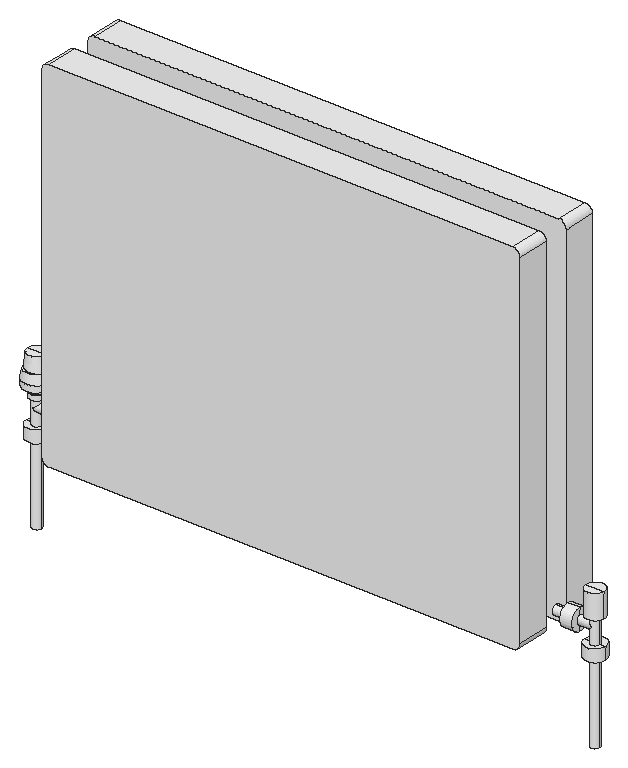
Revit family
Parameters (values of type "600 x 800mm Wide")
  Radiator Type = "Double"
  Radiator Thickness = 150 mm
  Radiator Length = 800 mm
  Radiator Height = 600 mm
  Offset from Wall = 125 mm
  Material Radiator = Paint - White
  Keynote = "T"
  Height to U/S = 150 mm
Types (2, lengths in mm): name | Radiator Length
  600 x 800mm Wide | 800
  600 x 1200mm Wide | 1200
Reference planes
  plane 1 "Wall": y = 0
  plane 2 "Center (Left/Right)": x = -1.686
  plane 3 "Back": y = 75
  plane 4: x = -401.686
  plane 5: x = 398.314
  plane 6: z = 150
  plane 7: z = 750
  plane 8: y = 200
Forms (mm)
  Extrusion 1, solid, material "Paint - White" <- "Material Radiator"
    sketch origin (0, 200, 0) x (1, 0, 0) y (0, 0, 1)
      loop
        arc (386.314, 150) -> (394.799, 153.515) -> (398.314, 162) r 12
        line (398.314, 162) -> (398.314, 738)
        arc (398.314, 738) -> (394.799, 746.485) -> (386.314, 750) r 12
        line (386.314, 750) -> (-386.38, 750)
        arc (-386.38, 750) -> (-394.866, 746.485) -> (-398.38, 738) r 12
        line (-398.38, 738) -> (-398.38, 162)
        arc (-398.38, 162) -> (-394.866, 153.515) -> (-386.38, 150) r 12
        line (-386.38, 150) -> (386.314, 150)
    from -75 to 75
  Extrusion 2, void
    sketch origin (0, 0, 0) x (1, 0, 0) y (0, 1, 0)
      loop
        line (-401.686, 178.981) -> (398.314, 178.981) -> (398.314, 221.019) -> (-401.686, 221.019) -> (-401.686, 178.981)
    from 150 to 750
Cuts and joins
  Extrusion 2 cuts Extrusion 1
Text (mm)
  text "Placement side" at (-1820.995, 1116.779, 0), in view "Ref. Level"
  text "Placement side" at (0, 1334.055, 2976.191), in view "Left"
  text "Placement side" at (0, 439.194, 2944.362), in view "Right"
Dimensions and locks
  locked: plane 3 "Back" to host wall
  equal spacing: plane 4, plane 2 "Center (Left/Right)", plane 5
  "Radiator Length": plane 4 to plane 5
  "Height to U/S": level to plane 6
  "Radiator Height": plane 6 to plane 7
  "Offset from Wall": plane 3 "Back" to plane 8
  equal spacing: Extrusion 1, plane 8, Extrusion 1
  "Radiator Thickness": Extrusion 1 to Extrusion 1
  equal spacing: Extrusion 2 sketch curve, plane 8, Extrusion 2 sketch curve
  cut or joined group of Extrusion 1, Extrusion 2 to Extrusion 2 sketch curve = 53.981 mm  (x2)
  aligned and locked: plane 1 "Wall" to host wall
  aligned and locked: nested 1 to plane 4
  aligned and locked: level to nested 1
  aligned and locked: nested 2 to level
  aligned and locked: nested 2 to plane 5
  aligned and locked: nested 1 to plane 8
  aligned and locked: plane 8 to nested 2
  aligned and locked: plane 4 to Extrusion 2 sketch curve
  aligned and locked: Extrusion 2 sketch curve to plane 5
  aligned and locked: Extrusion 2 to plane 7
  aligned and locked: plane 6 to Extrusion 2
Automatic sketch dimensions
  Extrusion 1 sketch curve to plane 7 = 0 mm
  Extrusion 1 sketch curve to plane 6 = 0 mm
  Extrusion 1 sketch curve to plane 5 = 0 mm
  plane 5 to Extrusion 1 sketch curve = 12 mm  (x2)
  Extrusion 1 sketch curve to plane 4 = 15.306 mm  (x2)
  Extrusion 1 sketch curve to plane 4 = 3.306 mm
Nested families
  nested 1: "Radiator Valve - Flow" at (-401.686, 200, 0) x (-1, 0, 0) z (0, 0, 1), type "Radiator Valve - Flow"
  nested 2: "Radiator Valve - Return" at (398.314, 200, 0), type "Radiator Valve - Return"
Definition of nested family "Radiator Valve - Flow"
  Parameters
    Valve Offset Vert = 30 mm
    Valve Offset Horz = 65 mm
    Radiator Bttm = 150 mm
    Material Valve Head = Plastic - White
    Material Valve = Metal - Chrome Polished
    Material Pipe = Paint - White
  Reference planes
    plane 1 "Center (Front/Back)": y = 0
    plane 2: z = 0
    plane 3 "Center (Left/Right)": x = 0
    plane 4: x = 65
    plane 5: z = 150
    plane 6: z = 180
  Forms (mm)
    Revolve 1, solid, material "Metal - Chrome Polished" <- "Material Valve"
      sketch origin (0, 0, 0) x (1, 0, 0) y (0, 0, 1)
        loop
          line (0, 172.5) -> (20, 172.5) -> (20, 162.5) -> (40, 162.5) -> (40, 172.5) -> (65, 172.5) -> (65, 180) -> (0, 180) -> (0, 172.5)
        axis (0, 180) -> (65, 180)
      angle from 0 to 360
    Revolve 2, solid, material "Metal - Chrome Polished" <- "Material Valve"
      sketch origin (0, 0, 0) x (1, 0, 0) y (0, 0, 1)
        loop
          line (65, 133.664) -> (65, 208.972) -> (57.5, 208.972) -> (57.5, 202) -> (52.5, 202) -> (52.5, 195) -> (57.5, 195) -> (57.5, 153.664) -> (47.5, 153.664) -> (47.5, 133.664) -> (65, 133.664)
        axis (65, 208.972) -> (65, 133.664)
      angle from 0 to 360
    Extrusion 3, solid, material "Paint - White" <- "Material Pipe"
      sketch origin (0, 0, 0) x (1, 0, 0) y (0, 1, 0)
        loop
          circle (65, 0) r 7.5
      from 0 to 133.664
    Revolve 4, solid, material "Plastic - White" <- "Material Valve Head"
      sketch origin (0, 0, 0) x (1, 0, 0) y (0, 0, 1)
        loop
          line (65, 208.972) -> (65, 261.547) -> (49.835, 261.547) -> (47.463, 238.117) -> (45.504, 236.986) -> (42.899, 222.214) -> (42.899, 212.214) -> (55, 208.972) -> (65, 208.972)
        axis (65, 208.972) -> (65, 261.547)
      angle from 0 to 360
  Cuts and joins
    joined: Revolve 1, Revolve 2
  Lines and regions (mm)
    symbolic lines, detail levels medium+fine
      curve 1: line (0, 7.5, 0) -> (65, 7.5, 0)
      curve 2: line (0, -7.5, 0) -> (65, -7.5, 0)
      curve 3: circle (65, 0, 0) r 7.5 normal (0, 0, 1)
  Dimensions and locks
    "Valve Offset Horz": plane 3 "Center (Left/Right)" to plane 4
    "Radiator Bttm": plane 5 to level
    "Valve Offset Vert": plane 6 to plane 5
    aligned and locked: Extrusion 3 to cut or joined group of Revolve 1, Revolve 2
    aligned and locked: Extrusion 3 to level
    aligned and locked: curve 1 to cut or joined group of Revolve 1, Revolve 2  (x3)
    aligned and locked: cut or joined group of Revolve 1, Revolve 2 to curve 2
    aligned and locked: curve 2 to cut or joined group of Revolve 1, Revolve 2  (x2)
  Automatic sketch dimensions
    Revolve 1 sketch curve to plane 6 = 0 mm  (x2)
    Revolve 1 sketch curve to plane 3 "Center (Left/Right)" = 0 mm
    Revolve 1 sketch curve to plane 4 = 0 mm
    Revolve 1 sketch curve to Revolve 1 sketch curve = 20 mm  (x2)
    plane 6 to Revolve 1 sketch curve = 7.5 mm  (x2)
    plane 3 "Center (Left/Right)" to Revolve 1 sketch curve = 20 mm
    Revolve 1 sketch curve to Revolve 1 sketch curve = 30 mm
    Revolve 1 sketch curve to Revolve 1 sketch curve = 10 mm
    Revolve 2 sketch curve to plane 4 = 0 mm  (x2)
    plane 4 to Revolve 2 sketch curve = 7.5 mm
    Revolve 2 sketch curve to Revolve 2 sketch curve = 0 mm
    Revolve 2 sketch curve to Revolve 2 sketch curve = 5 mm
    Revolve 2 sketch curve to plane 5 = 3.664 mm
    Revolve 2 sketch curve to Revolve 2 sketch curve = 10 mm
    plane 5 to Revolve 2 sketch curve = 16.336 mm
    Revolve 2 sketch curve to Revolve 2 sketch curve = 24.692 mm
    Revolve 2 sketch curve to plane 6 = 15 mm
    Revolve 2 sketch curve to Revolve 2 sketch curve = 7 mm
    Revolve 2 sketch curve to Revolve 2 sketch curve = 6.972 mm
    Revolve 2 sketch curve to Revolve 2 sketch curve = 25 mm
    Extrusion 3 sketch curve to plane 1 "Center (Front/Back)" = 0 mm
    Extrusion 3 sketch curve to plane 4 = 0 mm
    Revolve 4 sketch curve to plane 4 = 0 mm  (x2)
    plane 4 to Revolve 4 sketch curve = 10 mm
    plane 4 to Revolve 4 sketch curve = 15.165 mm
    plane 4 to Revolve 4 sketch curve = 17.537 mm
    Revolve 4 sketch curve to Revolve 4 sketch curve = 1.959 mm
    Revolve 4 sketch curve to Revolve 4 sketch curve = 2.605 mm
    Revolve 4 sketch curve to plane 6 = 18.972 mm
    Revolve 4 sketch curve to Revolve 4 sketch curve = 10 mm  (x2)
    Revolve 4 sketch curve to Revolve 4 sketch curve = 3.242 mm
    Revolve 4 sketch curve to Revolve 4 sketch curve = 14.772 mm
    Revolve 4 sketch curve to Revolve 4 sketch curve = 1.131 mm
    Revolve 4 sketch curve to Revolve 4 sketch curve = 23.43 mm
    Revolve 4 sketch curve to Revolve 4 sketch curve = 6.348 mm
    curve 3 to plane 4 = 0 mm
    radius of Extrusion 3 sketch curve = 7.5 mm
Definition of nested family "Radiator Valve - Return"
  Parameters
    Valve Offset Vert = 30 mm
    Valve Offset Horz = 65 mm
    Radiator Bttm = 150 mm
    Material Valve Head = Plastic - White
    Material Valve = Metal - Chrome Polished
    Material Pipe = Paint - White
  Reference planes
    plane 1 "Center (Front/Back)": y = 0
    plane 2: z = 0
    plane 3 "Center (Left/Right)": x = 0
    plane 4: x = 65
    plane 5: z = 150
    plane 6: z = 180
  Forms (mm)
    Revolve 1, solid, material "Metal - Chrome Polished" <- "Material Valve"
      sketch origin (0, 0, 0) x (1, 0, 0) y (0, 0, 1)
        loop
          line (0, 172.5) -> (20, 172.5) -> (20, 162.5) -> (40, 162.5) -> (40, 172.5) -> (65, 172.5) -> (65, 180) -> (0, 180) -> (0, 172.5)
        axis (0, 180) -> (65, 180)
      angle from 0 to 360
    Revolve 2, solid, material "Metal - Chrome Polished" <- "Material Valve"
      sketch origin (0, 0, 0) x (1, 0, 0) y (0, 0, 1)
        loop
          line (65, 133.664) -> (65, 195) -> (57.5, 195) -> (57.5, 153.664) -> (47.5, 153.664) -> (47.5, 133.664) -> (65, 133.664)
        axis (65, 195) -> (65, 133.664)
      angle from 0 to 360
    Extrusion 3, solid, material "Paint - White" <- "Material Pipe"
      sketch origin (0, 0, 0) x (1, 0, 0) y (0, 1, 0)
        loop
          circle (65, 0) r 7.5
      from 0 to 133.664
    Revolve 4, solid, material "Plastic - White" <- "Material Valve Head"
      sketch origin (0, 0, 0) x (1, 0, 0) y (0, 0, 1)
        loop
          line (65, 195) -> (65, 235) -> (50, 235) -> (50, 195) -> (65, 195)
        axis (65, 195) -> (65, 235)
      angle from 0 to 360
  Cuts and joins
    joined: Revolve 1, Revolve 2
  Lines and regions (mm)
    symbolic lines, detail levels medium+fine
      curve 1: line (0, 7.5, 0) -> (65, 7.5, 0)
      curve 2: line (0, -7.5, 0) -> (65, -7.5, 0)
      curve 3: circle (65, 0, 0) r 7.5 normal (0, 0, 1)
  Dimensions and locks
    "Valve Offset Horz": plane 3 "Center (Left/Right)" to plane 4
    "Radiator Bttm": plane 5 to level
    "Valve Offset Vert": plane 6 to plane 5
    aligned and locked: Extrusion 3 to cut or joined group of Revolve 1, Revolve 2
    aligned and locked: Extrusion 3 to level
    aligned and locked: curve 1 to cut or joined group of Revolve 1, Revolve 2  (x3)
    aligned and locked: cut or joined group of Revolve 1, Revolve 2 to curve 2
  Automatic sketch dimensions
    Revolve 1 sketch curve to plane 6 = 0 mm  (x2)
    Revolve 1 sketch curve to plane 3 "Center (Left/Right)" = 0 mm
    Revolve 1 sketch curve to plane 4 = 0 mm
    Revolve 1 sketch curve to Revolve 1 sketch curve = 20 mm  (x2)
    plane 6 to Revolve 1 sketch curve = 7.5 mm  (x2)
    plane 3 "Center (Left/Right)" to Revolve 1 sketch curve = 20 mm
    Revolve 1 sketch curve to Revolve 1 sketch curve = 30 mm
    Revolve 1 sketch curve to Revolve 1 sketch curve = 10 mm
    Extrusion 3 sketch curve to plane 1 "Center (Front/Back)" = 0 mm
    Extrusion 3 sketch curve to plane 4 = 0 mm
    Revolve 2 sketch curve to plane 4 = 0 mm  (x2)
    plane 4 to Revolve 2 sketch curve = 7.5 mm
    Revolve 2 sketch curve to plane 5 = 3.664 mm
    Revolve 2 sketch curve to Revolve 2 sketch curve = 10 mm
    plane 5 to Revolve 2 sketch curve = 16.336 mm
    Revolve 2 sketch curve to Revolve 2 sketch curve = 24.692 mm
    Revolve 2 sketch curve to plane 6 = 15 mm
    Revolve 2 sketch curve to Revolve 2 sketch curve = 0 mm
    Revolve 4 sketch curve to plane 4 = 0 mm  (x2)
    plane 4 to Revolve 4 sketch curve = 15 mm
    Revolve 4 sketch curve to plane 6 = 15 mm
    Revolve 4 sketch curve to Revolve 4 sketch curve = 3.972 mm
    Revolve 4 sketch curve to Revolve 4 sketch curve = 36.028 mm
    Revolve 4 sketch curve to Revolve 4 sketch curve = 32.895 mm
    curve 2 to plane 4 = 0 mm
    curve 3 to plane 1 "Center (Front/Back)" = 0 mm
    curve 3 to plane 4 = 0 mm
    radius of Extrusion 3 sketch curve = 7.5 mm
